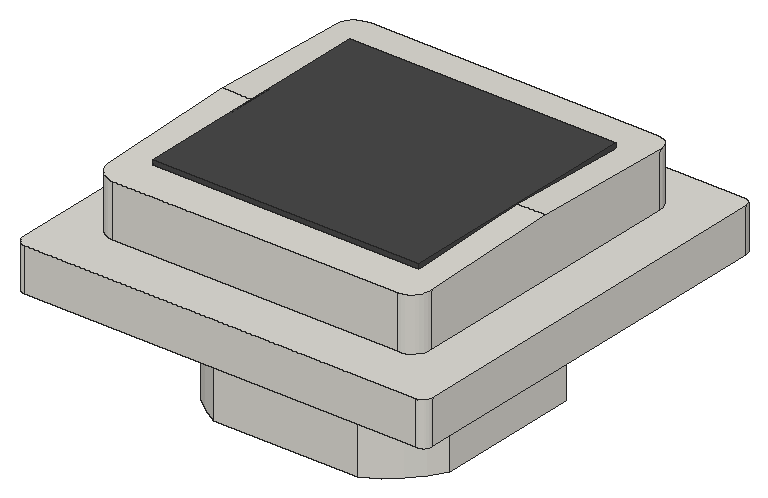
Revit family "DEVIreg Touch_RFA_1", category Data Devices, host Face, Revit 2019
Family settings
  Host = Face
  Maintain Annotation Orientation = No
  Round Connector Dimension = Use Diameter
  Part Type = Normal
  OmniClass Number = 23.85.50.17
  OmniClass Title = Communication and Data Processing Equipment
  Cut with Voids When Loaded = No
  Shared = No
  Room Calculation Point = No
Parameters (values of type "DEVIreg™ Touch - Ivory_140F1078")
  w3 = 67 mm  # constant formula
  w2_1 = 55 mm  # constant formula
  w2 = 51 mm  # constant formula
  r2 = 4 mm  # constant formula
  r1 = 2 mm  # constant formula
  Weight = 0.115 kg  # constant formula
  WarrantyStartDate = ""
  WarrantyGuarantorParts = ""
  WarrantyGuarantorLabor = ""
  WarrantyDurationUnit = ""
  WarrantyDurationParts = ""
  WarrantyDurationLabor = ""
  WarrantyDescription = ""
  W = 85 mm  # constant formula
  Voltage = 230 V  # constant formula
  URL = "https://store.danfoss.com/en/Climate-Solutions-for-heating/Electric-heating/DEVI-electric-heating/Thermostats/c/11321?q=%3Arelevance%3Adanfoss_producttypehierarchydesc%3ADEVIreg%E2%84%A2+Touch&text="
  TagNumber = ""
  SustainabilityPerformance = ""
  Storage temperature = "-25 °C to 60 °C, 90% RH non-condensing"  # constant formula
  Standby power consumption = "0.4 W"  # constant formula
  Software class = "A"  # constant formula
  Size = ""
  Shape = ""
  SerialNumber = ""
  Sensing unit = "NTC 15 kΩ @ 25 °C, 3 m. (default),\r\nNTC 10 kΩ @ 25 °C,\r\nNTC 6.8 kΩ @ 25 °C,\r\nNTC 33 kΩ @ 25 °C,\r\nNTC 12 kΩ @ 25 °C,\r\nNTC 47 kΩ @ 25 °C"  # constant formula
  Resistive load = "16A / 3680W @ 230V"  # constant formula
  ReplacementCost = ""
  Regulation = "PWM - Pulse Width Modulation"  # constant formula
  Protection class = "Class II"  # constant formula
  Power = 0.4 W  # constant formula
  Pollution degree = "2 (domestic use)"  # constant formula
  Operating Temperature Range = "5 °C to 35 °C (room), 5 °C to 35 °C (45 °C with break out) (\u001ffloor)"  # constant formula
  NominalWidth = W  # 85 mm
  NominalLength = L  # 22 mm
  NominalHeight = H  # 85 mm
  Name = ""
  Mounting method = "In-wall"  # constant formula
  ModelReference = ""
  ModelNumber = ""
  Model Type = "DEVIreg™ Touch - Ivory"
  Model = "140F1078"
  Material = ""
  Manufacturer = "Danfoss"  # constant formula
  LOD 350 = not(LOD 200)  # yes
  LOD 200 = no
  L = D  # 22 mm
  InstallationDate = ""
  Inductive load = "Cos Φ = 0.3 max. 1A"  # constant formula
  In wall depth = 22 mm  # constant formula
  IfcExportType = "DEVIreg Touch"  # constant formula
  IfcExportAs = "IfcElectricApplianceType"  # constant formula
  IP Rating = "21"  # constant formula
  H = 85 mm  # constant formula
  Grade = ""
  Frost protection = "5 °C to 9 °C (default 5 °C )"  # constant formula
  Finish = ""
  Features = ""
  ExpectedLife = ""
  DurationUnit = ""
  Description = "Programmable timer thermostat"  # constant formula
  Default Elevation = 0 mm
  D = 22 mm  # constant formula
  Controller type = "1 B"  # constant formula
  Constituents = ""
  Color = ""
  CodePerformance = ""
  Category = ""
  Cable specification for connector terminals, max. = "1 x 4 mm² or 2 x 2.5 mm²"  # constant formula
  Body Material = Danfoss Plastic Ivory
  BarCode = ""
  Ball pressure test temperature = "75 °C"  # constant formula
  AssetType = ""
  AssetIdentifier = ""
  Ambient Temperature Range = "0 °C to 30 °C"  # constant formula
  AccessibilityPerformance = ""
Types (6, lengths in mm): name | Model Type | Model | Body Material
  (no name) | "DEVIreg™ Touch - Ivory" | "140F1078" | Danfoss Plastic Ivory
  DEVIreg™ Touch Pure White_140F1064 | "DEVIreg™ Touch Pure White" | "140F1064" | Danfoss Plastic White
  DEVIreg™ Touch Pure Black_140F1069 | "DEVIreg™ Touch Pure Black" | "140F1069" | Danfoss Plastic Black
  DEVIreg™ Touch Pure White_140F1068 | "DEVIreg™ Touch Pure White" | "140F1068" | Danfoss Plastic White
  DEVIreg™ Touch Polar White_140F1071 | "DEVIreg™ Touch Polar White" | "140F1071" | Danfoss Plastic White
  DEVIreg™ Touch - Ivory_140F1078 | "DEVIreg™ Touch - Ivory" | "140F1078" | Danfoss Plastic Ivory
Reference planes
  plane 1 "Center (Front/Back)": y = 0
  plane 2: z = 0
  plane 3 "Center (Left/Right)": x = 0
  plane 4: y = -25.5
  plane 5: x = 27.5
  plane 6: x = -27.5
  plane 7: y = 25.5
  plane 8: z = -22
  plane 9: z = 9
  plane 10: z = 22
  plane 11: x = -42.5
  plane 12: x = 42.5
  plane 13: y = 42.5
  plane 14: y = -42.5
  plane 15: y = 33.5
  plane 16: y = -33.5
  plane 17: x = -33.5
  plane 18: x = 33.5
  plane 19: z = 20.8
  plane 20: z = 10
Forms (mm)
  Extrusion 1, solid, material "Danfoss Plastic Ivory" <- "Body Material", detail levels fine
    sketch origin (0, 0, 0) x (1, 0, 0) y (0, 1, 0)
      loop
        line (40.5, 42.5) -> (-40.5, 42.5)
        arc (-40.5, 42.5) -> (-41.914, 41.914) -> (-42.5, 40.5) r 2
        line (-42.5, 40.5) -> (-42.5, -40.5)
        arc (-42.5, -40.5) -> (-41.914, -41.914) -> (-40.5, -42.5) r 2
        line (-40.5, -42.5) -> (40.5, -42.5)
        arc (40.5, -42.5) -> (41.914, -41.914) -> (42.5, -40.5) r 2
        line (42.5, -40.5) -> (42.5, 40.5)
        arc (42.5, 40.5) -> (41.914, 41.914) -> (40.5, 42.5) r 2
    from 0 to 9
  Extrusion 2, solid, material "Danfoss Plastic Ivory" <- "Body Material", detail levels fine
    sketch origin (0, 0, 0) x (1, 0, 0) y (0, 1, 0)
      loop
        line (25.5, 15.122) -> (20.133, 21.5) -> (-20.133, 21.5) -> (-25.5, 15.122) -> (-25.5, -15)
        arc (-25.5, -15) -> (-21.082, -21.082) -> (-15, -25.5) r 24.016
        line (-15, -25.5) -> (15, -25.5)
        arc (15, -25.5) -> (21.082, -21.082) -> (25.5, -15) r 24.016
        line (25.5, -15) -> (25.5, 15.122)
    from -22 to 0
  Extrusion 3, solid, material "Danfoss Plastic Ivory" <- "Body Material", visible <- "LOD 350", detail levels fine
    sketch origin (0, 0, 0) x (1, 0, 0) y (0, 1, 0)
      loop
        arc (-29.5, 33.5) -> (-32.328, 32.328) -> (-33.5, 29.5) r 4
        line (-33.5, 29.5) -> (-33.5, -29.5)
        arc (-33.5, -29.5) -> (-32.328, -32.328) -> (-29.5, -33.5) r 4
        line (-29.5, -33.5) -> (29.5, -33.5)
        arc (29.5, -33.5) -> (32.328, -32.328) -> (33.5, -29.5) r 4
        line (33.5, -29.5) -> (33.5, 29.5)
        arc (33.5, 29.5) -> (32.328, 32.328) -> (29.5, 33.5) r 4
        line (29.5, 33.5) -> (-29.5, 33.5)
    from 10 to 22
  Extrusion 4, void
    sketch origin (0, 0, 0) x (0, 1, 0) y (0, 0, 1)
      loop
        line (-33.5, 22) -> (-33.5, 20.8)
        arc (-33.5, 20.8) -> (-16.761, 21.7) -> (0, 22) r 468.204
        line (0, 22) -> (-33.5, 22)
    from -33.5 to 33.5
  Extrusion 5, void
    sketch origin (0, 0, 0) x (0, -1, 0) y (0, 0, -1)
      loop
        line (-33.5, -22) -> (0, -22)
        arc (0, -22) -> (-16.761, -21.7) -> (-33.5, -20.8) r 468.204
        line (-33.5, -20.8) -> (-33.5, -22)
    from -33.5 to 33.5
  Extrusion 6, solid, material "Danfoss Plastic Ivory" <- "Body Material", visible <- "LOD 350", detail levels fine
    sketch origin (0, 0, 0) x (1, 0, 0) y (0, 1, 0)
      loop
        line (31.5, -28.994) -> (31.5, 28.994)
        arc (31.5, 28.994) -> (30.766, 30.766) -> (28.994, 31.5) r 2.506
        line (28.994, 31.5) -> (-29.5, 31.5)
        arc (-29.5, 31.5) -> (-30.914, 30.914) -> (-31.5, 29.5) r 2
        line (-31.5, 29.5) -> (-31.5, -29.5)
        arc (-31.5, -29.5) -> (-30.914, -30.914) -> (-29.5, -31.5) r 2
        line (-29.5, -31.5) -> (28.994, -31.5)
        arc (28.994, -31.5) -> (30.766, -30.766) -> (31.5, -28.994) r 2.506
    from 9 to 10
  Extrusion 7, void
    sketch origin (0, 0, 0) x (1, 0, 0) y (0, 1, 0)
      loop
        line (-27.5, 25.5) -> (-27.5, -25.5) -> (27.5, -25.5) -> (27.5, 25.5) -> (-27.5, 25.5)
    from 20.8 to 22
  Extrusion 8, solid, material "Danfoss Plastic Ivory" <- "Body Material", visible <- "LOD 200", detail levels fine
    sketch origin (0, 0, 0) x (1, 0, 0) y (0, 1, 0)
      loop
        line (29.505, 33.5) -> (-29.505, 33.5)
        spline (-29.505, 33.5) -> (-30.021, 33.466) -> (-30.529, 33.366) -> (-31.019, 33.201) -> (-31.484, 32.974) -> (-31.916, 32.688) -> (-32.308, 32.349) -> (-32.652, 31.963) -> (-32.944, 31.534) -> (-33.178, 31.072) -> (-33.35, 30.583) -> (-33.458, 30.076) -> (-33.5, 29.559)
        line (-33.5, 29.559) -> (-33.5, -29.559)
        spline (-33.5, -29.559) -> (-33.458, -30.076) -> (-33.35, -30.584) -> (-33.177, -31.073) -> (-32.943, -31.536) -> (-32.651, -31.964) -> (-32.306, -32.351) -> (-31.914, -32.69) -> (-31.481, -32.975) -> (-31.016, -33.202) -> (-30.525, -33.367) -> (-30.017, -33.467) -> (-29.5, -33.5)
        line (-29.5, -33.5) -> (29.5, -33.5)
        spline (29.5, -33.5) -> (30.017, -33.467) -> (30.525, -33.367) -> (31.016, -33.202) -> (31.481, -32.975) -> (31.914, -32.69) -> (32.306, -32.351) -> (32.651, -31.964) -> (32.943, -31.536) -> (33.177, -31.073) -> (33.35, -30.584) -> (33.458, -30.076) -> (33.5, -29.559)
        line (33.5, -29.559) -> (33.5, 29.559)
        spline (33.5, 29.559) -> (33.458, 30.076) -> (33.35, 30.583) -> (33.178, 31.072) -> (32.944, 31.534) -> (32.652, 31.962) -> (32.308, 32.349) -> (31.916, 32.688) -> (31.484, 32.974) -> (31.019, 33.201) -> (30.529, 33.366) -> (30.021, 33.466) -> (29.505, 33.5)
    from 9 to 22
  Extrusion 9, solid, material "Danfoss Plastic Ivory" <- "Body Material", detail levels coarse+medium
    sketch origin (0, 0, 0) x (1, 0, 0) y (0, 1, 0)
      loop
        line (-42.5, 42.5) -> (-42.5, -42.5) -> (42.5, -42.5) -> (42.5, 42.5) -> (-42.5, 42.5)
    from 0 to 22
  Extrusion 10, solid, material "Danfoss Plastic Ivory" <- "Body Material", detail levels coarse+medium
    sketch origin (0, 0, 0) x (1, 0, 0) y (0, 1, 0)
      loop
        line (-25.5, 21.5) -> (-25.5, -25.5) -> (25.5, -25.5) -> (25.5, 21.5) -> (-25.5, 21.5)
    from -22 to 0
  Extrusion 11, solid, material "Danfoss Plastic Black", visible <- "LOD 350", detail levels fine
    sketch origin (0, 0, 0) x (1, 0, 0) y (0, 1, 0)
      loop
        line (27.5, 25.5) -> (-27.5, 25.5) -> (-27.5, -25.5) -> (27.5, -25.5) -> (27.5, 25.5)
    from 20.8 to 22
Cuts and joins
  Extrusion 4, Extrusion 5, Extrusion 7 cuts Extrusion 1
  Extrusion 4, Extrusion 5, Extrusion 7 cuts Extrusion 3
  Extrusion 7 cuts Extrusion 2
  Extrusion 7 cuts Extrusion 6
Dimensions and locks
  "In wall depth": level to plane 8
  locked: plane 9 to level at 9
  plane 10 to plane 9 = 13 mm
  equal spacing: plane 11, plane 3 "Center (Left/Right)", plane 12
  equal spacing: plane 13, plane 1 "Center (Front/Back)", plane 14
  "W": plane 11 to plane 12
  "H": plane 13 to plane 14
  equal spacing: plane 6, plane 3 "Center (Left/Right)", plane 5
  equal spacing: plane 4, plane 1 "Center (Front/Back)", plane 7
  "w2_1": plane 6 to plane 5
  "w2": plane 7 to plane 4
  equal spacing: plane 15, plane 1 "Center (Front/Back)", plane 16
  "w3": plane 15 to plane 16
  "w3": plane 17 to plane 18
  equal spacing: plane 17, plane 3 "Center (Left/Right)", plane 18
  locked: plane 10 to plane 19 at 1.2
  locked: plane 20 to plane 9 at 1
  "D": plane 10 to host face
  equal spacing: Extrusion 6 sketch curve, plane 3 "Center (Left/Right)", Extrusion 6 sketch curve
  Extrusion 2 sketch curve to plane 13 = 21 mm
  plane 14 to Extrusion 2 sketch curve = 17 mm
  "r1": radius of Extrusion 1 sketch curve  (x4)
  "r2": radius of Extrusion 3 sketch curve  (x4)
  aligned and locked: plane 2 to host face
  aligned and locked: level to host face
  aligned and locked: plane 13 to Extrusion 1 sketch curve
  aligned and locked: plane 11 to Extrusion 1 sketch curve
  aligned and locked: plane 12 to Extrusion 1 sketch curve
  aligned and locked: plane 14 to Extrusion 1 sketch curve
  aligned and locked: plane 9 to Extrusion 1
  aligned and locked: Extrusion 2 to plane 8
  aligned and locked: level to Extrusion 2
  aligned and locked: Extrusion 3 sketch curve to plane 15
  aligned and locked: Extrusion 3 sketch curve to plane 17
  aligned and locked: plane 16 to Extrusion 3 sketch curve
  aligned and locked: plane 18 to Extrusion 3 sketch curve
  aligned and locked: plane 10 to Extrusion 3
  aligned and locked: Extrusion 4 sketch curve to plane 10
  aligned and locked: plane 19 to Extrusion 4 sketch curve
  aligned and locked: plane 10 to Extrusion 5 sketch curve
  aligned and locked: plane 19 to Extrusion 5 sketch curve
  aligned and locked: Extrusion 3 to plane 20
  aligned and locked: Extrusion 6 to plane 9
  aligned and locked: plane 20 to Extrusion 6
  aligned and locked: Extrusion 7 to plane 19
  aligned and locked: plane 10 to Extrusion 7
  aligned and locked: Extrusion 8 to plane 9
  aligned and locked: plane 10 to Extrusion 8
  aligned and locked: plane 5 to Extrusion 7 sketch curve
  aligned and locked: Extrusion 7 sketch curve to plane 7
  aligned and locked: plane 6 to Extrusion 7 sketch curve
  aligned and locked: Extrusion 7 sketch curve to plane 4
  aligned and locked: Extrusion 9 sketch curve to plane 11
  aligned and locked: Extrusion 9 sketch curve to plane 12
  aligned and locked: Extrusion 9 sketch curve to plane 13
  aligned and locked: Extrusion 9 sketch curve to plane 14
  aligned and locked: plane 10 to Extrusion 9
  aligned and locked: Extrusion 9 to level
  aligned and locked: Extrusion 10 to plane 8
  aligned and locked: level to Extrusion 10
  aligned and locked: Extrusion 11 sketch curve to cut or joined group of Extrusion 3, Extrusion 4, Extrusion 5, Extrusion 7  (x4)
  aligned and locked: Extrusion 11 to plane 19
  aligned and locked: plane 10 to Extrusion 11
Automatic sketch dimensions
  host sketch curve to host sketch curve = 2438.4 mm  (x2)
  Extrusion 4 sketch curve to plane 16 = 0 mm
  Extrusion 4 sketch curve to plane 1 "Center (Front/Back)" = 0 mm  (x2)
  Extrusion 4 sketch curve to plane 10 = 0 mm
  Extrusion 5 sketch curve to plane 15 = 0 mm
  Extrusion 5 sketch curve to plane 1 "Center (Front/Back)" = 0 mm  (x2)
  Extrusion 5 sketch curve to plane 10 = 0 mm
  Extrusion 6 sketch curve to plane 15 = 2 mm
  Extrusion 6 sketch curve to Extrusion 6 sketch curve = 2 mm  (x2)
  Extrusion 6 sketch curve to plane 5 = 1.494 mm  (x2)
  plane 4 to Extrusion 6 sketch curve = 4 mm
  Extrusion 8 sketch curve to plane 17 = 0 mm
  Extrusion 8 sketch curve to plane 18 = 0 mm
  plane 15 to Extrusion 8 sketch curve = 0 mm
  Extrusion 8 sketch curve to plane 17 = 3.995 mm
  plane 16 to Extrusion 8 sketch curve = 0 mm  (x2)
  Extrusion 8 sketch curve to plane 17 = 4 mm
  plane 18 to Extrusion 8 sketch curve = 4 mm
  Extrusion 8 sketch curve to plane 15 = 0 mm
  plane 18 to Extrusion 8 sketch curve = 3.995 mm  (x2)
  plane 16 to Extrusion 8 sketch curve = 3.941 mm  (x2)
  Extrusion 8 sketch curve to plane 15 = 3.941 mm  (x2)
  Extrusion 8 sketch curve to plane 15 = 0.005 mm  (x2)
  Extrusion 8 sketch curve to Extrusion 8 sketch curve = 0.196 mm
  Extrusion 8 sketch curve to Extrusion 8 sketch curve = 0.021 mm  (x2)
  Extrusion 8 sketch curve to Extrusion 8 sketch curve = 0 mm
  plane 7 to Extrusion 8 sketch curve = 3.995 mm
  plane 18 to Extrusion 8 sketch curve = 3.996 mm
  Extrusion 6 sketch curve to plane 6 = 2 mm
  plane 6 to Extrusion 2 sketch curve = 2 mm
  plane 6 to Extrusion 2 sketch curve = 7.367 mm
  plane 6 to Extrusion 2 sketch curve = 12.5 mm
  Extrusion 2 sketch curve to plane 3 "Center (Left/Right)" = 4.1 mm
  plane 3 "Center (Left/Right)" to Extrusion 2 sketch curve = 4.1 mm
  plane 5 to Extrusion 2 sketch curve = 12.5 mm
  plane 5 to Extrusion 2 sketch curve = 7.367 mm
  plane 5 to Extrusion 2 sketch curve = 2 mm
  Extrusion 2 sketch curve to Extrusion 2 sketch curve = 10.5 mm  (x2)
  Extrusion 2 sketch curve to plane 7 = 10.378 mm  (x2)
  Extrusion 10 sketch curve to plane 7 = 4 mm
  plane 5 to Extrusion 10 sketch curve = 2 mm
  plane 4 to Extrusion 10 sketch curve = 0 mm
  plane 6 to Extrusion 10 sketch curve = 2 mm
  Extrusion 1 sketch curve to Extrusion 1 sketch curve = 0 mm
Connectors
  electrical at (0, 0, 0), driven by "Voltage", driven by "Power"
    settings: on cut or joined group of Extrusion 1, Extrusion 4, Extrusion 5, Extrusion 7, index 1, voltage 230 V, apparent load 0.4 W, apparent load phase1 0 W, apparent load phase2 0 W, apparent load phase3 0 W, power factor 0.95, load classification "Power", number of poles 1, system type 30, power factor state 1, is connector primary yes, connector utility no, sub classification motor no, connector description ""
